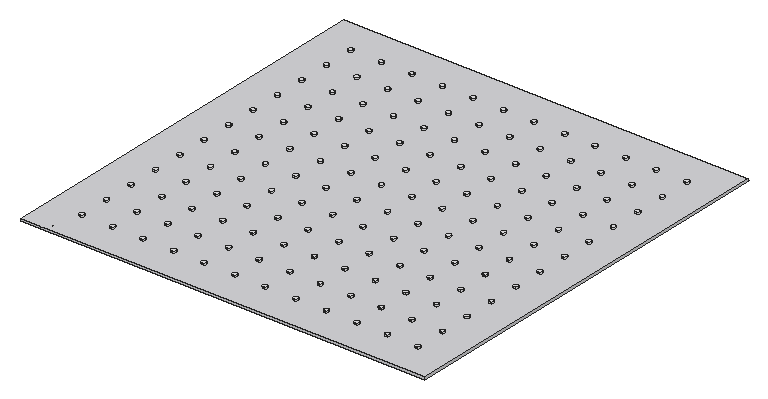
Revit family "Shower-Showerhead-KOHLER-Rainheads-K-9301IN_1", category Plumbing Fixtures, host Face, Revit 2017 (continued)
Definition of nested family "K-9301IN"
  Lines and regions (in)
    symbolic lines, detail levels medium+fine
      curve 288: arc (6.1952, -0.56971, 0) -> (6.27901, -0.65352, 0) -> (6.36283, -0.56971, 0) r 0.08381
      curve 289: line (-0.72431, 0, 2.06693) -> (0, 0, 2.06693)
      curve 290: line (0, 0, 2.06693) -> (0.72431, 0, 2.06693)
      curve 291: line (-0.46987, 0, 0.64317) -> (0.46987, 0, 0.64317)
      curve 292: line (-0.33902, 0, 0.75765) -> (0.33902, 0, 0.75765)
      curve 293: line (-0.33153, 0, 0.86477) -> (0.33153, 0, 0.86477)
      curve 294: line (-0.68898, 0, 0.98819) -> (0, 0, 0.98819)
      curve 295: line (0, 0, 0.98819) -> (0.68915, 0, 0.98819)
      curve 296: line (-7.55906, 0, 2.32283) -> (7.55906, 0, 2.32283)
      curve 297: line (7.55906, 0, 2.40159) -> (-7.55906, 0, 2.40159)
      curve 298: line (0, -6.8731, 2.06693) -> (0, 6.8731, 2.06693)
      curve 299: line (0, 0.20386, 1.46462) -> (0, -0.20426, 1.46462)
      curve 300: line (0, 0.20386, 0.98819) -> (0, 0.20386, 1.46462)
      curve 301: line (0, -0.20426, 1.46462) -> (0, -0.20426, 0.98819)
      curve 302: line (0, -0.7185, 0.98819) -> (0, 0.7185, 0.98819)
      curve 303: arc (0, -0.19852, 0.16897) -> (0, 0, 0.12746) -> (0, 0.19852, 0.16897) r 0.49544
      curve 304: line (0, 0.19852, 0.16897) -> (0, 0.19852, 0.53681)
      curve 305: arc (0, 0.19852, 0.53681) -> (0, 0.18724, 0.58248) -> (0, 0.15601, 0.61766) r 0.09816
      curve 306: arc (0, 0.15601, 0.61766) -> (0, 0.08169, 0.65443) -> (0, 0, 0.66867) r 0.29005
      curve 307: arc (0, 0, 0.66867) -> (0, -0.08169, 0.65443) -> (0, -0.15601, 0.61766) r 0.29005
      curve 308: arc (0, -0.15601, 0.61766) -> (0, -0.18724, 0.58248) -> (0, -0.19852, 0.53681) r 0.09816
      curve 309: line (0, -0.19852, 0.53681) -> (0, -0.19852, 0.16897)
      curve 310: line (0, -7.55906, 2.32283) -> (0, 7.55906, 2.32283)
      curve 311: line (0, 7.55906, 2.40159) -> (0, -7.55906, 2.40159)
      curve 312: line (0, 0.33821, 0.7571) -> (0, -0.33821, 0.7571)
      curve 313: line (0, 0.33821, 0.87181) -> (0, -0.33821, 0.87181)
      curve 314: line (0, 0.19852, 0.53681) -> (0, 0.49606, 0.53681)
      curve 315: line (0, -0.19852, 0.53681) -> (0, -0.49606, 0.53681)
  Dimensions and locks (in)
    level to plane 6 = 2.40159"
    plane 7 to plane 8 = 15.11811"
    plane 9 to plane 10 = 15.11811"
    aligned and locked: level to plane 2
